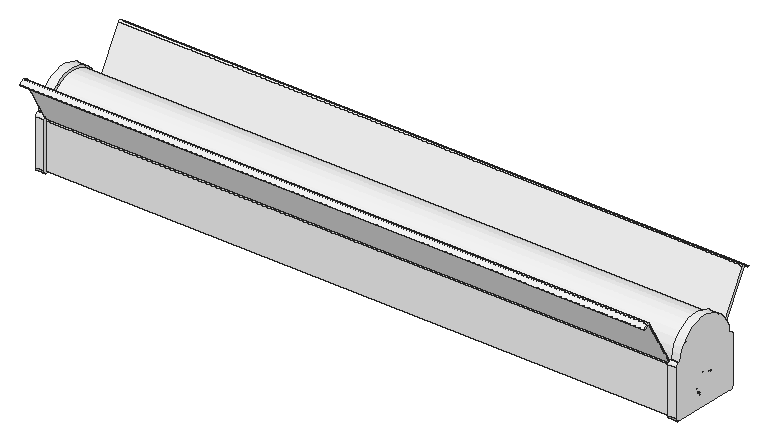
Revit family "0045182+0045231 Feilo Sylvania Lighting Fixture SYLBATTEN LED1 6000K TP3 with SYMMETRIC REFLECTOR ACCESSORY 600MM", category Lighting Fixtures, host Face, Revit 2017
Family settings
  Host = Face
  Round Connector Dimension = Use Diameter
  Part Type = Normal
  OmniClass Number = 23.80.70.00
  OmniClass Title = Lighting
  Cut with Voids When Loaded = No
  Light Source = Yes
  Shared = No
  Room Calculation Point = No
Parameters (values of type "0045182 SYLBATTEN LED1 6000K TP3")
  Width_FEILO = 66 mm
  Weight = "1.292 kg"
  Wattage Comments = "n/a"
  Wattage = 11 W
  WarrantyStartDate [instance] = "n/a"
  WarrantyGuarantorParts = "n/a"
  WarrantyDurationUnit = "n/a"
  WarrantyDurationParts = "n/a"
  WarrantyDescription = "n/a"
  built-in parameter 1150110 = 1 (stored number, unit not read)
  Voltage = 230 V
  URL = "http://www.sylvania-lighting.com"
  TypeName = "SYLBATTEN LED1 6000K TP3"
  Type Image = <None>
  Type Comments = "n/a"
  built-in parameter 1114217 = 1 (stored number, unit not read)
  Tilt Angle = -90.00°
  built-in parameter 1150109 = 1 (stored number, unit not read)
  built-in parameter 1150134 = 5
  SymReflector_FEILO = yes
  built-in parameter 1150113 = 1 (stored number, unit not read)
  SerialNumber [instance] = "n/a"
  PowerFactor = 0
  PowerConsumption = "11 W"
  Photometric Web File = "0045182+0045231.ies"
  NominalLength = 605 mm
  NominalHeight = 91 mm
  NominalDepth = 122 mm
  Name = "SYLBATTEN LED1 6000K TP3"
  ModelReference = Name  # "SYLBATTEN LED1 6000K TP3"
  ModelNumber = "0045182"
  Model = Name  # "SYLBATTEN LED1 6000K TP3"
  Material_4_FEILO = Reflector-Sylvania-Sylbatten-White
  Material_3_FEILO = Diffuser-Sylvania-Sylbatten-Glow
  Material_2_FEILO = Body-Sylvania-Sylbatten-White
  Material_1_FEILO = Body-Sylvania-Sylbatten-White
  Material = "sheet steel housing, polycarbonate diffuser"
  ManufacturerName = "Feilo Sylvania"
  Manufacturer = "Feilo Sylvania"
  LuminousEfficacy = "110 lm/W"
  built-in parameter 1150105 = 96.289 (stored number, unit not read)
  Lumens = 1210 lm
  LuminaireType = ""
  built-in parameter 1150115 = 1 (stored number, unit not read)
  LightOutputRatio = "100"
  built-in parameter 1150137 = (empty or 0)
  built-in parameter 1150139 = (empty or 0)
  Length_FEILO = 605 mm
  LampsType = Lamp  # "LED"
  LampNominalLuminous = "1210 lm"
  LampMacAdamStep = "n/a"
  LampColourTemperature = "6000 K"
  LampColourRenderingIndex = "80"
  built-in parameter 1150112 = 1 (stored number, unit not read)
  built-in parameter 1150114 = 1 (stored number, unit not read)
  Lamp = "LED"
  Keynote = "16500"
  InstallationDate [instance] = "n/a"
  InputVoltage = "220-240V~"
  InputNominalFrequency = "n/a"
  built-in parameter 1150132 = (empty or 0)
  built-in parameter 1150102 = (empty or 0)
  built-in parameter 1150107 = 6000 (stored number, unit not read)
  built-in parameter 1150138 = (empty or 0)
  IngressProtection = "IP20"
  ImpactProtectionIndex = "IK07"
  built-in parameter 1150106 = 0.96289 (stored number, unit not read)
  IfcExportType = "IfcLightFixtureType"
  IfcExportAs = "IfcLightFixtureType"
  Height_FEILO = 76 mm
  ExpectedLife = 50000
  Emit from Rectangle Width = Length_FEILO - 16 mm  # 589 mm
  Emit from Rectangle Length = Width_FEILO - 40 mm  # 26 mm
  Emit Shape Visible in Rendering = no
  ElectricShockClassification = "Class I"
  built-in parameter 1150104 = 10.219 (stored number, unit not read)
  DurationUnit = "hours"
  DocumentationLiterature = "http://www.sylvania-lighting.com/product/en-int/products/0045182"
  DimmingControlOptions = "n/a"
  Dimming Lamp Color Temperature Shift = <None>
  Description = "LED batten, T8 replacement, ease of installation through 2 part push-in design of the housing (safety cable included), through wiring capability (TP3 = 3 core), sheet steel, 1210LM, 11W, 110lm/W, 6000K, drive current: 350mA, CRI 80, 138° wide beam angle, electronic driver (non dimmable), IP20, IK07, 50,000 hrs (L70), (LxWxH) 605x66x76mm, 5 step MacAdam ellipse, 1.8kg, white RAL 9016, Class 1, 220-240V, energy class: A++, A+, A."
  Default Elevation = 1219.2 mm
  CreatedOn = "1/25/2018"
  CreatedBy = ""
  Cost = 0
  Color Filter = 16777215
  built-in parameter 1114216 [instance] = (empty or 0)
  ClassificationValue = "EF_70_80"
  ClassificationName = "Uniclass2015"
  CapOffset_FEILO = 2 mm
  BarCode [instance] = "n/a"
  built-in parameter 1114218 = 1 (stored number, unit not read)
  BackReflector_FEILO = and(not(AsymReflector_FEILO), SymReflector_FEILO)  # yes
  built-in parameter 1150133 = 10 (stored number, unit not read)
  FrontReflector_FEILO = or(AsymReflector_FEILO, SymReflector_FEILO)  # yes
  AsymReflector_FEILO = no
  AssetType = "Fixed"
  AssetIdentifier [instance] = "n/a"
  Assembly Code = "D5020200"
  Apparent Load = 11 VA
Reference planes
  plane 1 "Center (Front/Back)": y = 0
  plane 2: z = 0
  plane 3 "Center (Left/Right)": x = 0
  plane 4: x = 302.5
  plane 5: x = -302.5
  plane 6: y = 33
  plane 7: y = -33
  plane 8: z = 76
  plane 9: z = 47
  plane 10: y = -29
  plane 11: y = 29
  plane 12: z = 20
  plane 13: z = 74
  plane 14: y = -31
  plane 15: y = -27
  plane 16: y = 27
  plane 17: y = 31
  plane 18: z = 2
  plane 19: x = -294.5
  plane 20: x = 294.5
  plane 21: z = 49
  plane 22: y = 1
  plane 23: y = -1
  plane 24: z = 21
  plane 25: z = 19
  plane 26: y = -61
  plane 27: y = 61
  plane 28: y = -56
  plane 29: y = 56
  plane 30: z = 91
  plane 31: z = 88
Forms (mm)
  Extrusion 1, solid, material "Body-Sylvania-Sylbatten-White" <- "Material_2_FEILO"
    sketch origin (0, 0, 0) x (0, 1, 0) y (0, 0, 1)
      loop
        line (-31, 2) -> (31, 2) -> (31, 45)
        arc (31, 45) -> (30.414, 46.414) -> (29, 47) r 2
        line (29, 47) -> (27, 47)
        arc (27, 47) -> (0, 74) -> (-27, 47) r 27
        line (-27, 47) -> (-29, 47)
        arc (-29, 47) -> (-30.414, 46.414) -> (-31, 45) r 2
        line (-31, 45) -> (-31, 2)
    from -294.5 to 294.5
  Extrusion 2, solid, material "Body-Sylvania-Sylbatten-White" <- "Material_2_FEILO"
    sketch origin (302.5, 1524, 1219.2) x (0, 1, 0) y (0, 0, 1)
      loop
        arc (-1494, -1219.2) -> (-1491.879, -1218.321) -> (-1491, -1216.2) r 3
        line (-1491, -1216.2) -> (-1491, -1173.2)
        arc (-1491, -1173.2) -> (-1491.879, -1171.079) -> (-1494, -1170.2) r 3
        line (-1494, -1170.2) -> (-1495.069, -1170.2)
        arc (-1495.069, -1170.2) -> (-1524, -1143.2) -> (-1552.931, -1170.2) r 29
        line (-1552.931, -1170.2) -> (-1554, -1170.2)
        arc (-1554, -1170.2) -> (-1556.121, -1171.079) -> (-1557, -1173.2) r 3
        line (-1557, -1173.2) -> (-1557, -1216.2)
        arc (-1557, -1216.2) -> (-1556.121, -1218.321) -> (-1554, -1219.2) r 3
        line (-1554, -1219.2) -> (-1494, -1219.2)
      loop
        arc (-1525, -1189.25) -> (-1531.071, -1192.129) -> (-1533.95, -1198.2) r 10
        line (-1533.95, -1198.2) -> (-1532.944, -1198.2)
        arc (-1532.944, -1198.2) -> (-1530.364, -1192.836) -> (-1525, -1190.256) r 9
        line (-1525, -1190.256) -> (-1525, -1189.25)
      loop
        arc (-1523, -1190.256) -> (-1517.636, -1192.836) -> (-1515.056, -1198.2) r 9
        line (-1515.056, -1198.2) -> (-1514.05, -1198.2)
        arc (-1514.05, -1198.2) -> (-1516.929, -1192.129) -> (-1523, -1189.25) r 10
        line (-1523, -1189.25) -> (-1523, -1190.256)
      loop
        line (-1532.944, -1200.2) -> (-1533.95, -1200.2)
        arc (-1533.95, -1200.2) -> (-1531.071, -1206.271) -> (-1525, -1209.15) r 10
        line (-1525, -1209.15) -> (-1525, -1208.144)
        arc (-1525, -1208.144) -> (-1530.364, -1205.564) -> (-1532.944, -1200.2) r 9
      loop
        arc (-1515.056, -1200.2) -> (-1517.636, -1205.564) -> (-1523, -1208.144) r 9
        line (-1523, -1208.144) -> (-1523, -1209.15)
        arc (-1523, -1209.15) -> (-1516.929, -1206.271) -> (-1514.05, -1200.2) r 10
        line (-1514.05, -1200.2) -> (-1515.056, -1200.2)
    from 0 to -8
  Extrusion 3, solid, material "Body-Sylvania-Sylbatten-White" <- "Material_2_FEILO"
    sketch origin (-302.5, 1524, 1219.2) x (0, 1, 0) y (0, 0, 1)
      loop
        arc (-1495.069, -1170.2) -> (-1524, -1143.2) -> (-1552.931, -1170.2) r 29
        line (-1552.931, -1170.2) -> (-1554, -1170.2)
        arc (-1554, -1170.2) -> (-1556.121, -1171.079) -> (-1557, -1173.2) r 3
        line (-1557, -1173.2) -> (-1557, -1216.2)
        arc (-1557, -1216.2) -> (-1556.121, -1218.321) -> (-1554, -1219.2) r 3
        line (-1554, -1219.2) -> (-1494, -1219.2)
        arc (-1494, -1219.2) -> (-1491.879, -1218.321) -> (-1491, -1216.2) r 3
        line (-1491, -1216.2) -> (-1491, -1173.2)
        arc (-1491, -1173.2) -> (-1491.879, -1171.079) -> (-1494, -1170.2) r 3
        line (-1494, -1170.2) -> (-1495.069, -1170.2)
      loop
        line (-1533.95, -1198.2) -> (-1532.944, -1198.2)
        arc (-1532.944, -1198.2) -> (-1530.364, -1192.836) -> (-1525, -1190.256) r 9
        line (-1525, -1190.256) -> (-1525, -1189.25)
        arc (-1525, -1189.25) -> (-1531.071, -1192.129) -> (-1533.95, -1198.2) r 10
      loop
        line (-1523, -1189.25) -> (-1523, -1190.256)
        arc (-1523, -1190.256) -> (-1517.636, -1192.836) -> (-1515.056, -1198.2) r 9
        line (-1515.056, -1198.2) -> (-1514.05, -1198.2)
        arc (-1514.05, -1198.2) -> (-1516.929, -1192.129) -> (-1523, -1189.25) r 10
      loop
        line (-1514.05, -1200.2) -> (-1515.056, -1200.2)
        arc (-1515.056, -1200.2) -> (-1517.636, -1205.564) -> (-1523, -1208.144) r 9
        line (-1523, -1208.144) -> (-1523, -1209.15)
        arc (-1523, -1209.15) -> (-1516.929, -1206.271) -> (-1514.05, -1200.2) r 10
      loop
        line (-1525, -1209.15) -> (-1525, -1208.144)
        arc (-1525, -1208.144) -> (-1530.364, -1205.564) -> (-1532.944, -1200.2) r 9
        line (-1532.944, -1200.2) -> (-1533.95, -1200.2)
        arc (-1533.95, -1200.2) -> (-1531.071, -1206.271) -> (-1525, -1209.15) r 10
    from 0 to 8
  Extrusion 4, solid, material "Reflector-Sylvania-Sylbatten-White" <- "Material_4_FEILO", visible <- "FrontReflector_FEILO"
    sketch origin (0, 0, 0) x (0, 1, 0) y (0, 0, 1)
      loop
        line (-61.257, 88.429) -> (-60.743, 87.571) -> (-56.621, 90.044)
        arc (-56.621, 90.044) -> (-56.237, 90.099) -> (-55.929, 89.863) r 0.5
        line (-55.929, 89.863) -> (-31.435, 46.753) -> (-30.565, 47.247) -> (-55.312, 90.802)
        arc (-55.312, 90.802) -> (-55.928, 91.275) -> (-56.696, 91.165) r 1
        line (-56.696, 91.165) -> (-61.257, 88.429)
    from -294.5 to 294.5
  Extrusion 5, solid, material "Reflector-Sylvania-Sylbatten-White" <- "Material_4_FEILO", visible <- "BackReflector_FEILO"
    sketch origin (0, 0, 0) x (0, 1, 0) y (0, 0, 1)
      loop
        line (30.565, 47.247) -> (31.435, 46.753) -> (55.932, 89.868)
        arc (55.932, 89.868) -> (56.245, 90.112) -> (56.638, 90.062) r 0.518
        line (56.638, 90.062) -> (61.033, 87.565) -> (61.527, 88.435) -> (56.682, 91.188)
        arc (56.682, 91.188) -> (55.922, 91.282) -> (55.318, 90.812) r 1
        line (55.318, 90.812) -> (30.565, 47.247)
    from -294.5 to 294.5
Lines and regions (mm)
  reference lines
    curve 1: line (0, -61, 88) -> (0, -56, 91)
    curve 2: line (0, -56, 91) -> (0, -31, 47)
    curve 3: line (0, 31, 47) -> (0, 56, 91)
    curve 4: line (0, 56, 91) -> (0, 61.28, 88)
Dimensions and locks
  equal spacing: plane 5, plane 3 "Center (Left/Right)", plane 4
  equal spacing: plane 7, plane 1 "Center (Front/Back)", plane 6
  "Width_FEILO": plane 7 to plane 6
  "Length_FEILO": plane 5 to plane 4
  "Height_FEILO": plane 8 to plane 2
  locked: plane 9 to plane 8 at 29
  equal spacing: plane 10, plane 1 "Center (Front/Back)", plane 11
  locked: plane 7 to plane 10 at 4
  locked: plane 12 to plane 2 at 20
  "CapOffset_FEILO": plane 13 to plane 8
  "CapOffset_FEILO": plane 7 to plane 14
  "CapOffset_FEILO": plane 10 to plane 15
  "CapOffset_FEILO": plane 17 to plane 6
  "CapOffset_FEILO": plane 16 to plane 11
  "CapOffset_FEILO": plane 18 to plane 2
  locked: plane 14 to Extrusion 1 sketch curve at 2
  locked: Extrusion 1 sketch curve to plane 9 at 2  (x2)
  locked: plane 16 to Extrusion 1 sketch curve at 2
  equal spacing: plane 19, plane 3 "Center (Left/Right)", plane 20
  locked: plane 5 to plane 19 at 8
  "CapOffset_FEILO": plane 9 to plane 21
  locked: Extrusion 2 sketch curve to plane 2 at 47
  locked: Extrusion 1 sketch curve to plane 2 at 47
  locked: Extrusion 2 sketch curve to plane 2 at 3  (x2)
  locked: plane 7 to Extrusion 2 sketch curve at 3  (x2)
  locked: Extrusion 2 sketch curve to plane 6 at 3  (x2)
  locked: Extrusion 2 sketch curve to plane 21 at 3  (x2)
  equal spacing: plane 23, plane 1 "Center (Front/Back)", plane 22
  equal spacing: plane 25, plane 12, plane 24
  plane 30 to plane 31 to plane 2 = 3 mm locked, 88 mm locked
  plane 28 to plane 29 = 112 mm
  plane 26 to plane 27 = 122 mm
  aligned and locked: plane 2 to host face
  aligned and locked: level to host face
  aligned and locked: plane 18 to Extrusion 1 sketch curve
  aligned and locked: plane 14 to Extrusion 1 sketch curve
  aligned and locked: Extrusion 1 sketch curve to plane 9  (x2)
  aligned and locked: Extrusion 1 sketch curve to plane 17
  aligned and locked: plane 15 to Extrusion 1 sketch curve
  aligned and locked: plane 16 to Extrusion 1 sketch curve
  aligned and locked: plane 9 to Extrusion 1 sketch curve
  aligned and locked: plane 20 to Extrusion 1
  aligned and locked: level to Extrusion 2 sketch curve
  aligned and locked: Extrusion 2 sketch curve to plane 7
  aligned and locked: plane 21 to Extrusion 2 sketch curve
  aligned and locked: Extrusion 2 sketch curve to plane 21
  aligned and locked: plane 1 "Center (Front/Back)" to Extrusion 2 sketch curve  (x3)
  aligned and locked: Extrusion 2 to Extrusion 1
  aligned and locked: plane 4 to Extrusion 2
  aligned and locked: plane 12 to Extrusion 2 sketch curve  (x2)
  aligned and locked: Extrusion 2 sketch curve to plane 22
  aligned and locked: Extrusion 2 sketch curve to plane 23
  aligned and locked: Extrusion 2 sketch curve to plane 24
  aligned and locked: Extrusion 2 sketch curve to plane 25
  aligned and locked: plane 25 to Extrusion 2 sketch curve
  aligned and locked: plane 22 to Extrusion 2 sketch curve
  aligned and locked: plane 24 to Extrusion 2 sketch curve
  aligned and locked: plane 23 to Extrusion 2 sketch curve  (x2)
  aligned and locked: Extrusion 3 sketch curve to Extrusion 2  (x22)
  aligned and locked: Extrusion 3 to Extrusion 1
  aligned and locked: Extrusion 3 to plane 5
  aligned and locked: plane 19 to Extrusion 3
  aligned and locked: plane 31 to curve 1
  aligned and locked: plane 30 to curve 1
  aligned and locked: plane 14 to curve 2
  aligned and locked: plane 9 to curve 2
  aligned and locked: plane 17 to curve 3
  aligned and locked: plane 30 to curve 3
  aligned and locked: plane 31 to curve 4
  aligned and locked: Extrusion 4 sketch curve to curve 2
  aligned and locked: Extrusion 4 sketch curve to curve 1
  aligned and locked: Extrusion 4 to Extrusion 1
  aligned and locked: Extrusion 1 to Extrusion 4
  aligned and locked: imposter light to plane 1 "Center (Front/Back)"
  aligned and locked: imposter light to plane 3 "Center (Left/Right)"
  aligned and locked: imposter light to plane 13
  aligned and locked: Extrusion 5 sketch curve to curve 4
  aligned and locked: Extrusion 5 sketch curve to curve 3
  aligned and locked: Extrusion 1 to Extrusion 5
  aligned and locked: Extrusion 5 to Extrusion 1
Automatic sketch dimensions
  host sketch curve to host sketch curve = 2438.4 mm  (x2)
  Extrusion 2 sketch curve to Extrusion 2 sketch curve = 0 mm  (x14)
  Extrusion 2 sketch curve to plane 10 = 0.069 mm
  plane 23 to Extrusion 2 sketch curve = 8.95 mm
  Extrusion 2 sketch curve to Extrusion 2 sketch curve = 1.006 mm  (x4)
  Extrusion 2 sketch curve to plane 22 = 7.944 mm
  curve 1 to plane 26 = 0 mm
  curve 2 to plane 28 = 0 mm
  curve 4 to plane 29 = 0 mm
  plane 9 to curve 3 = 0 mm
  plane 26 to Extrusion 4 sketch curve = 0.257 mm
  Extrusion 4 sketch curve to plane 26 = 0.257 mm
  Extrusion 4 sketch curve to plane 30 = 0.165 mm
  plane 28 to Extrusion 4 sketch curve = 0.696 mm
  plane 28 to Extrusion 4 sketch curve = 0.621 mm
  plane 28 to Extrusion 4 sketch curve = 0.364 mm
  plane 28 to Extrusion 4 sketch curve = 0.182 mm
  Extrusion 4 sketch curve to plane 28 = 0.071 mm
  plane 30 to Extrusion 4 sketch curve = 0.198 mm
  Extrusion 4 sketch curve to plane 28 = 0.688 mm
  plane 9 to Extrusion 4 sketch curve = 0.247 mm
  plane 1 "Center (Front/Back)" to Extrusion 4 sketch curve = 31.435 mm
  Extrusion 5 sketch curve to plane 9 = 0.247 mm
  Extrusion 5 sketch curve to plane 1 "Center (Front/Back)" = 30.565 mm
  plane 9 to Extrusion 5 sketch curve = 0.247 mm
  plane 30 to Extrusion 5 sketch curve = 0.188 mm
  plane 29 to Extrusion 5 sketch curve = 0.068 mm
  Extrusion 5 sketch curve to plane 29 = 0.188 mm
  Extrusion 5 sketch curve to plane 29 = 0.382 mm
  Extrusion 5 sketch curve to Extrusion 5 sketch curve = 0.256 mm
  Extrusion 5 sketch curve to plane 30 = 0.188 mm
  Extrusion 5 sketch curve to plane 29 = 0.682 mm
  Extrusion 5 sketch curve to plane 27 = 0.033 mm
  Extrusion 5 sketch curve to plane 27 = 0.527 mm
Connectors
  electrical at (0, 0, 0), driven by "Apparent Load", driven by "PowerFactor", driven by "Voltage"
    settings: index 1, voltage 230 V, apparent load 11 VA, apparent load phase1 0 VA, apparent load phase2 0 VA, apparent load phase3 0 VA, power factor 0, load classification "Lighting", number of poles 1, system type 30, power factor state 1, is connector primary yes, connector utility no, sub classification motor no, connector description ""
